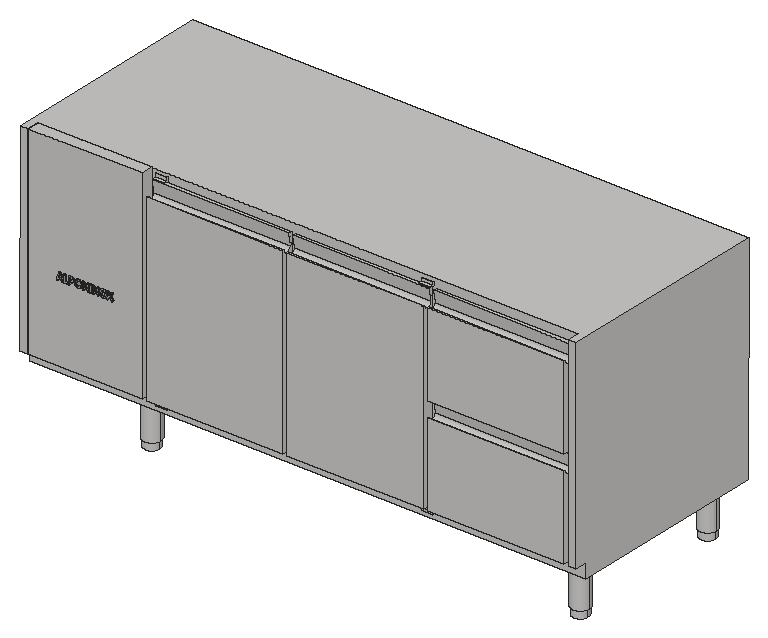
Revit family "QF_ALPENINOX_712031_AH3H7AAB", category Specialty Equipment, Revit 2018
Family settings
  Round Connector Dimension = Use Diameter
  Part Type = Normal
  Work Plane-Based = No
  Always vertical = Yes
  Cut with Voids When Loaded = No
  Shared = No
  Room Calculation Point = No
Parameters
  Weight = 0.00 kg
  Watts = 0.0232258 W
  Volts = 220 V
  URL Manufacturer = "http://www.alpeninox.com/"
  URL = "http://www.alpeninox.com/"
  Steam Supply Size = 0 mm
  Steam Supply Minimum Pressure = 0.0 Pa
  Steam Supply Maximum Pressure = 0.0 Pa
  Steam Pounds per Hour = 0
  Show Logo [instance] = yes
  Show Clearance [instance] = yes
  Refrigeration Suction Line Size = 0 mm
  Refrigeration Liquid Line Size = 0 mm
  Refrigerant Compressor Remote = yes
  Manufacturer = "Alpeninox"
  Phase = 1
  Model = "AH3H7AAB"
  Length Actual = 1795 mm  # constant formula
  Item Number = "712031"
  Hot Water Size = 0 mm
  Height Actual = 850 mm  # constant formula
  HP = "0.3 HP"
  Gas Size = 0 mm
  Gas KW = 0
  Gas Input Pressure = 0 W
  Description = "2DOORS-2DRAWERS REFRIG.TABLE 440L-NO TOP"
  Depth Actual = 700 mm  # constant formula
  Cycle = 50 Hz
  Condensate Return Size = 0 mm
  Compressed Air Volume = 0.0 L/s
  Compressed Air Size = 0 mm
  Compressed Air Pressure = 0.0 Pa
  Cold Water Size = 0 mm
  Accessory = yes
Reference planes
  plane 1 "Center X": y = 182.5
  plane 2: z = 0
  plane 3 "Center Y": x = -353.5
  plane 4: y = -62.5
  plane 5: y = 451.5
  plane 6 "BACK": y = 532.5
  plane 7 "FRONT": y = -167.5
  plane 8: x = -906
  plane 9: x = 478
  plane 10: z = 150
  plane 11 "TOP": z = 900
  plane 12: z = 850
  plane 13 "LEFT": x = -1251
  plane 14 "RIGHT": x = 544
Forms (mm)
  Extrusion 1, solid, material "QF_Finishes_Stainless Steel"
    sketch origin (-353.5, 2, 0) x (0, 1, 0) y (0, 0, 1)
      loop
        line (530.5, 150) -> (530.5, 850) -> (-124.5, 850) -> (-124.5, 150) -> (530.5, 150)
    from -897.5 to 897.5
  Extrusion 2, solid, material "QF_Finishes_Stainless Steel"
    sketch origin (-1022.223, -1524, 150) x (-1, 0, 0) y (0, -1, 0)
      loop
        line (228.777, -1361.5) -> (203.777, -1361.5) -> (203.777, -1401.5) -> (228.777, -1401.5) -> (228.777, -1361.5)
      loop
        line (-1566.223, -1401.5) -> (-1541.223, -1401.5) -> (-1541.223, -1361.5) -> (-1566.223, -1361.5) -> (-1566.223, -1401.5)
    from 47 to 700
  Extrusion 3, solid, material "QF_Finishes_Stainless Steel"
    sketch origin (0, 0, 900) x (-1, 0, 0) y (0, -1, 0)
      loop
        circle (170, -94.5) r 8.45
    from -790.577 to -750
  Extrusion 4, solid, material "QF_Finishes_Stainless Steel"
    sketch origin (0, 0, 0) x (1, 0, 0) y (0, 1, 0)
      loop
        circle (-1167, 451.5) r 4
    from 109.423 to 150
Cuts and joins
  joined: Extrusion 1, Extrusion 2
Lines and regions (mm)
  symbolic lines, style "SpecialityEquipmentHiddenLines"
    curve 1: line (-1251, -122.5, 900) -> (544, -122.5, 900)
    curve 2: line (-850, -162.5, 900) -> (-850, -122.5, 900)
    curve 3: line (-1251, 532.5, 900) -> (544, 532.5, 900)
    curve 4: line (-1251, 532.5, 900) -> (-1251, -162.5, 900)
    curve 5: line (-1251, -162.5, 900) -> (544, -162.5, 900)
    curve 6: line (544, -162.5, 900) -> (544, 532.5, 900)
Dimensions and locks
  locked: plane 6 "BACK" to plane 7 "FRONT" at 700
  equal spacing: plane 6 "BACK", plane 1 "Center X", plane 7 "FRONT"
  locked: plane 6 "BACK" to plane 5 at 81
  plane 10 to level = 150 mm
  plane 11 "TOP" to plane 12 to plane 10 = 50 mm locked, 700 mm locked
  locked: Extrusion 2 sketch curve to Extrusion 2 sketch curve at 25  (x2)
  locked: plane 4 to plane 7 "FRONT" at 105
  locked: plane 6 "BACK" to Extrusion 3 sketch curve at 438
  equal spacing: plane 13 "LEFT", plane 3 "Center Y", plane 14 "RIGHT"
  plane 13 "LEFT" to plane 14 "RIGHT" = 1795 mm
  locked: plane 13 "LEFT" to plane 8 at 345
  locked: plane 9 to plane 14 "RIGHT" at 66
  Extrusion 3 sketch curve to plane 14 "RIGHT" = 714 mm
  plane 13 "LEFT" to Extrusion 4 sketch curve = 84 mm
  locked: plane 6 "BACK" to Extrusion 4 sketch curve at 81
  locked: plane 10 to Extrusion 4 at 40.577
  aligned and locked: level to plane 2
  aligned and locked: plane 10 to Extrusion 3
  aligned and locked: nested 4 to plane 4
  aligned and locked: nested 1 to plane 4
  aligned and locked: nested 3 to plane 5
  aligned and locked: nested 2 to plane 5
  aligned and locked: plane 8 to nested 1
  aligned and locked: plane 8 to nested 2
  aligned and locked: plane 9 to nested 4
  aligned and locked: plane 9 to nested 3
  aligned and locked: Extrusion 1 to Extrusion 2
  aligned and locked: Extrusion 2 to Extrusion 1
  aligned and locked: Extrusion 2 sketch curve to plane 14 "RIGHT"
  aligned and locked: plane 13 "LEFT" to Extrusion 2 sketch curve
  aligned and locked: cut or joined group of Extrusion 1, Extrusion 2 to plane 10
  aligned and locked: plane 12 to cut or joined group of Extrusion 1, Extrusion 2
  aligned and locked: plane 10 to Extrusion 4
Automatic sketch dimensions
  Extrusion 1 sketch curve to plane 10 = 0 mm
  Extrusion 1 sketch curve to plane 12 = 0 mm
  Extrusion 1 sketch curve to plane 6 "BACK" = 0 mm
  plane 7 "FRONT" to Extrusion 1 sketch curve = 45 mm
  plane 7 "FRONT" to Extrusion 2 sketch curve = 45 mm  (x2)
  plane 7 "FRONT" to Extrusion 2 sketch curve = 5 mm  (x2)
  curve 6 to plane 6 "BACK" = 0 mm
  curve 6 to plane 14 "RIGHT" = 0 mm
  curve 5 to plane 13 "LEFT" = 0 mm
  plane 7 "FRONT" to curve 5 = 5 mm
  plane 8 to curve 2 = 56 mm
  curve 1 to curve 4 = 40 mm
  radius of Extrusion 3 sketch curve = 8.45 mm
  radius of Extrusion 4 sketch curve = 4 mm
Nested families
  nested 1: "Foot_Ø50_H150" at (-906, -62.5, 0), type "Foot_Ø50_H150"
  nested 2: "Foot_Ø50_H150" at (-906, 451.5, 0), type "Foot_Ø50_H150"
  nested 3: "Foot_Ø50_H150" at (478, 451.5, 0), type "Foot_Ø50_H150"
  nested 4: "Foot_Ø50_H150" at (478, -62.5, 0), type "Foot_Ø50_H150"
  nested 5: "2 Drawers" at (285, -164.5, 0), Show Clearance <- "Show Clearance", type "2 Drawers"
  nested 6: "Door" at (-169, -164.5, 0), Show Clearance <- "Show Clearance", type "Door"
  nested 7: "Refrigerator" at (544, -167.5, 900), type "Refrigerator"
  nested 8: "ALP_Cooling Unit" at (-1041.5, -164.5, 0), Show Logo <- "Show Logo", type "ALP_Cooling Unit"
  nested 9: "Door" at (-623, -164.5, 0) x (-1, 0, 0) z (0, 0, 1), Show Clearance <- "Show Clearance", type "Door"
Connectors
  electrical at (-1167, 451.5, 109.423), driven by "Volts"
    settings: on Extrusion 4, index 4, voltage 220 V, apparent load 0 VA, apparent load phase1 0 VA, apparent load phase2 0 VA, apparent load phase3 0 VA, power factor 1, load classification "Altro", number of poles 1, system type 30, power factor state 1, is connector primary yes, connector utility no, sub classification motor no, connector description "Electrical Connection"
  piping at (-170, 94.5, 109.423), diameter 17
    settings: on Extrusion 3, index 5, connector inside diameter 609.6 mm, connector length 0 mm, flow factor 0, pipe flow 0.0 L/s, pressure drop 0.0 Pa, fitting loss kfactor 0, connector angle 0.00°, fixture units 0, engagement length 0 mm, angle of deflection 0.00°, flow configuration 1, flow direction 2, fitting loss method 0, system type 16, joint type 0, gender type 0, connector reference index -1, connector utility 0, adjustable connector no, is connector primary yes, connector description "Drain"
Definition of nested family "Foot_Ø50_H150"
  Reference planes
    plane 1 "Centro (Fronte/Retro)": y = 0
    plane 2: z = 0
    plane 3 "Centro (Sinistra/Destra)": x = 0
    plane 4: z = 150
  Forms (mm)
    Revolve 1, solid
      sketch origin (255.05, 0, 608.09) x (0, 0, 1) y (-1, 0, 0)
        loop
          line (-608.09, 255.05) -> (-608.09, 230.05) -> (-583.09, 230.05) -> (-583.09, 226.05) -> (-458.09, 226.05) -> (-458.09, 255.05) -> (-608.09, 255.05)
        axis (-608.09, 255.05) -> (-458.09, 255.05)
      angle from 0 to 360
  Dimensions and locks
    locked: Revolve 1 sketch curve to Revolve 1 sketch curve at 125
    aligned and locked: level to plane 2
    aligned and locked: plane 4 to Revolve 1 sketch curve
    aligned and locked: Revolve 1 sketch curve to level
    aligned and locked: plane 3 "Centro (Sinistra/Destra)" to Revolve 1 sketch curve
Definition of nested family "2 Drawers"
  Parameters
    Show Clearance [instance] = yes
  Reference planes
    plane 1 "FRONT": y = -3
    plane 2: z = 0
    plane 3 "Centro (Sinistra/Destra)": x = 0
    plane 4: z = 150
    plane 5: z = 850
    plane 6: x = -234
    plane 7: x = 234
    plane 8: x = -220
    plane 9: x = 220
  Forms (mm)
    Extrusion 1, solid
      sketch origin (0, 55, 511) x (0, 0, 1) y (0, -1, 0)
        loop
          line (314, 18) -> (314, 29) -> (274.395, 22.5)
          arc (274.395, 22.5) -> (260.395, 36.5) -> (274.395, 50.5) r 14
          line (274.395, 50.5) -> (274.395, 53) -> (5, 53) -> (5, 18) -> (314, 18)
        loop
          line (-5, 29) -> (-44.605, 22.5)
          arc (-44.605, 22.5) -> (-58.605, 36.5) -> (-44.605, 50.5) r 14
          line (-44.605, 50.5) -> (-44.605, 53) -> (-314, 53) -> (-314, 18) -> (-5, 18) -> (-5, 29)
      from -220 to 220
    Extrusion 2, solid, visible <- "Show Clearance", detail levels coarse
      sketch origin (0, -462, 511) x (0, 0, 1) y (0, -1, 0)
        loop
          line (-314, 109) -> (-314, -464) -> (-5, -464) -> (-5, 109) -> (-314, 109)
        loop
          line (314, -464) -> (314, 109) -> (5, 109) -> (5, -464) -> (314, -464)
      from -220 to 220
  Lines and regions (mm)
    symbolic lines
      curve 1: line (-190, -3, 0) -> (-190, -88, 0)
      curve 2: line (190, -88, 0) -> (190, -3, 0)
      curve 3: line (220, -88, 0) -> (-220, -88, 0)
      curve 4: line (-220, -88, 0) -> (-220, -123, 0)
      curve 5: line (-220, -123, 0) -> (220, -123, 0)
      curve 6: line (220, -123, 0) -> (220, -88, 0)
      curve 7: line (-190, -123, 0) -> (-190, -208, 0)
      curve 8: line (220, -208, 0) -> (-220, -208, 0)
      curve 9: line (-220, -208, 0) -> (-220, -243, 0)
      curve 10: line (-220, -243, 0) -> (220, -243, 0)
      curve 11: line (220, -243, 0) -> (220, -208, 0)
      curve 12: line (190, -208, 0) -> (190, -123, 0)
  Dimensions and locks
    aligned and locked: level to plane 2
Definition of nested family "Door"
  Parameters
    Show Clearance [instance] = yes
  Reference planes
    plane 1 "FRONT": y = -3
    plane 2: z = 0
    plane 3 "Centro (Sinistra/Destra)": x = 0
    plane 4: z = 150
    plane 5: z = 850
    plane 6: x = -234
    plane 7: x = 234
    plane 8: x = -220
    plane 9: x = 220
  Forms (mm)
    Extrusion 1, solid
      sketch origin (0, 53, 511) x (0, 0, 1) y (0, -1, 0)
        loop
          line (-323.003, 28.5) -> (-316.501, 28.5) -> (-316.501, 31) -> (-325.503, 31) -> (-325.503, 13.5) -> (-345.503, 13.5) -> (-345.503, 11) -> (-323.003, 11) -> (-323.003, 23.259) -> (-323.003, 28.5)
        loop
          line (-314, 27) -> (-316.501, 27) -> (-316.501, 18.501) -> (-319.752, 18.501) -> (-319.752, 16) -> (-314, 16) -> (-314, 27)
        loop
          line (315.003, 27) -> (315.003, 13.948) -> (315.003, 11) -> (327.503, 11) -> (327.503, 13.5) -> (317.503, 13.5) -> (317.503, 27) -> (315.003, 27)
      from 185 to 220
    Extrusion 2, solid, visible <- "Show Clearance", detail levels coarse
      sketch origin (0, 53, 511) x (0, -1, 0) y (1, 0, 0)
        loop
          line (51, 220) -> (51, -220)
          arc (51, -220) -> (339.234, -79.44) -> (454, 220) r 437.168
          line (454, 220) -> (51, 220)
      from -314 to 314
    Extrusion 3, solid
      sketch origin (0, 55, 511) x (0, 0, 1) y (0, -1, 0)
        loop
          line (314, 18) -> (314, 29) -> (274.395, 22.5)
          arc (274.395, 22.5) -> (260.395, 36.5) -> (274.395, 50.5) r 14
          line (274.395, 50.5) -> (274.395, 53) -> (-314, 53) -> (-314, 18) -> (314, 18)
      from -220 to 220
  Lines and regions (mm)
    symbolic lines
      curve 1: line (220, -3, 0) -> (220, -401, 0)
      curve 2: line (220, -401, 0) -> (185, -401, 0)
      curve 3: line (185, -401, 0) -> (185, -3, 0)
      curve 4: arc (-219.722, -3, 0) -> (-89.51, -275.368, 0) -> (185, -401, 0) r 442.855
  Dimensions and locks
    aligned and locked: level to plane 2
Definition of nested family "ALP_Cooling Unit"
  Parameters
    Show Logo [instance] = yes
  Reference planes
    plane 1 "FRONT": y = -3
    plane 2: z = 0
    plane 3 "Centro (Sinistra/Destra)": x = 0
    plane 4: z = 150
    plane 5: z = 850
    plane 6: x = -184.5
    plane 7: x = 184.5
  Forms (mm)
    Extrusion 1, solid
      sketch origin (0, 55, 511) x (0, 0, 1) y (0, -1, 0)
        loop
          line (-314, 53) -> (-314, 13) -> (339, 13) -> (339, 53) -> (-314, 53)
      from -184.5 to 184.5
  Lines and regions (mm)
    Split face 1
      outline origin (0, 2, 197) x (0, 0, 1) y (-1, 0, 0)
        loop
          line (566.835, 184.5) -> (566.835, -184.5)
        loop
          line (521.835, 184.5) -> (521.835, -184.5)
    Split face 2
      outline origin (0, 2, 197) x (0, 0, 1) y (-1, 0, 0)
        loop
          line (526.835, -184.5) -> (526.835, 150.5)
          arc (526.835, 150.5) -> (544.335, 168) -> (561.835, 150.5) r 17.5
          line (561.835, 150.5) -> (561.835, -184.5)
    Split face 3
      outline origin (0, 2, 197) x (0, 0, 1) y (-1, 0, 0)
        loop
          line (555.835, 149.5) -> (532.835, 149.5) -> (532.835, 94.5) -> (555.835, 94.5) -> (555.835, 149.5)
    Split face 4
      outline origin (0, 2, 197) x (0, 0, 1) y (-1, 0, 0)
        loop
          arc (510.649, 158.547) -> (506.648, 162.548) -> (502.647, 158.547) r 4.001
          line (502.647, 158.547) -> (502.647, 116.535)
          arc (502.647, 116.535) -> (506.648, 112.533) -> (510.649, 116.535) r 4.001
          line (510.649, 116.535) -> (510.649, 158.547)
    Split face 5
      outline origin (0, 2, 184.996) x (0, 0, 1) y (-1, 0, 0)
        loop
          arc (510.649, 158.547) -> (506.648, 162.548) -> (502.647, 158.547) r 4.001
          line (502.647, 158.547) -> (502.647, 116.535)
          arc (502.647, 116.535) -> (506.648, 112.533) -> (510.649, 116.535) r 4.001
          line (510.649, 116.535) -> (510.649, 158.547)
    Split face 6
      outline origin (0, 2, 172.993) x (0, 0, 1) y (-1, 0, 0)
        loop
          arc (510.649, 158.547) -> (506.648, 162.548) -> (502.647, 158.547) r 4.001
          line (502.647, 158.547) -> (502.647, 116.535)
          arc (502.647, 116.535) -> (506.648, 112.533) -> (510.649, 116.535) r 4.001
          line (510.649, 116.535) -> (510.649, 158.547)
    Split face 7
      outline origin (0, 2, 160.989) x (0, 0, 1) y (-1, 0, 0)
        loop
          arc (510.649, 158.547) -> (506.648, 162.548) -> (502.647, 158.547) r 4.001
          line (502.647, 158.547) -> (502.647, 116.535)
          arc (502.647, 116.535) -> (506.648, 112.533) -> (510.649, 116.535) r 4.001
          line (510.649, 116.535) -> (510.649, 158.547)
    Split face 8
      outline origin (0, 2, 148.986) x (0, 0, 1) y (-1, 0, 0)
        loop
          arc (510.649, 158.547) -> (506.648, 162.548) -> (502.647, 158.547) r 4.001
          line (502.647, 158.547) -> (502.647, 116.535)
          arc (502.647, 116.535) -> (506.648, 112.533) -> (510.649, 116.535) r 4.001
          line (510.649, 116.535) -> (510.649, 158.547)
    Split face 9
      outline origin (0, 2, 136.982) x (0, 0, 1) y (-1, 0, 0)
        loop
          arc (510.649, 158.547) -> (506.648, 162.548) -> (502.647, 158.547) r 4.001
          line (502.647, 158.547) -> (502.647, 116.535)
          arc (502.647, 116.535) -> (506.648, 112.533) -> (510.649, 116.535) r 4.001
          line (510.649, 116.535) -> (510.649, 158.547)
    Split face 10
      outline origin (0, 2, 124.979) x (0, 0, 1) y (-1, 0, 0)
        loop
          arc (510.649, 158.547) -> (506.648, 162.548) -> (502.647, 158.547) r 4.001
          line (502.647, 158.547) -> (502.647, 116.535)
          arc (502.647, 116.535) -> (506.648, 112.533) -> (510.649, 116.535) r 4.001
          line (510.649, 116.535) -> (510.649, 158.547)
    Split face 11
      outline origin (0, 2, 112.975) x (0, 0, 1) y (-1, 0, 0)
        loop
          arc (510.649, 158.547) -> (506.648, 162.548) -> (502.647, 158.547) r 4.001
          line (502.647, 158.547) -> (502.647, 116.535)
          arc (502.647, 116.535) -> (506.648, 112.533) -> (510.649, 116.535) r 4.001
          line (510.649, 116.535) -> (510.649, 158.547)
    Split face 12
      outline origin (0, 2, 100.972) x (0, 0, 1) y (-1, 0, 0)
        loop
          arc (510.649, 158.547) -> (506.648, 162.548) -> (502.647, 158.547) r 4.001
          line (502.647, 158.547) -> (502.647, 116.535)
          arc (502.647, 116.535) -> (506.648, 112.533) -> (510.649, 116.535) r 4.001
          line (510.649, 116.535) -> (510.649, 158.547)
    Split face 13
      outline origin (0, 2, 88.968) x (0, 0, 1) y (-1, 0, 0)
        loop
          arc (510.649, 158.547) -> (506.648, 162.548) -> (502.647, 158.547) r 4.001
          line (502.647, 158.547) -> (502.647, 116.535)
          arc (502.647, 116.535) -> (506.648, 112.533) -> (510.649, 116.535) r 4.001
          line (510.649, 116.535) -> (510.649, 158.547)
    Split face 14
      outline origin (0, 2, 76.965) x (0, 0, 1) y (-1, 0, 0)
        loop
          arc (510.649, 158.547) -> (506.648, 162.548) -> (502.647, 158.547) r 4.001
          line (502.647, 158.547) -> (502.647, 116.535)
          arc (502.647, 116.535) -> (506.648, 112.533) -> (510.649, 116.535) r 4.001
          line (510.649, 116.535) -> (510.649, 158.547)
    Split face 15
      outline origin (0, 2, 64.961) x (0, 0, 1) y (-1, 0, 0)
        loop
          arc (510.649, 158.547) -> (506.648, 162.548) -> (502.647, 158.547) r 4.001
          line (502.647, 158.547) -> (502.647, 116.535)
          arc (502.647, 116.535) -> (506.648, 112.533) -> (510.649, 116.535) r 4.001
          line (510.649, 116.535) -> (510.649, 158.547)
    Split face 16
      outline origin (0, 2, 52.958) x (0, 0, 1) y (-1, 0, 0)
        loop
          arc (510.649, 158.547) -> (506.648, 162.548) -> (502.647, 158.547) r 4.001
          line (502.647, 158.547) -> (502.647, 116.535)
          arc (502.647, 116.535) -> (506.648, 112.533) -> (510.649, 116.535) r 4.001
          line (510.649, 116.535) -> (510.649, 158.547)
    Split face 17
      outline origin (0, 2, 40.954) x (0, 0, 1) y (-1, 0, 0)
        loop
          arc (510.649, 158.547) -> (506.648, 162.548) -> (502.647, 158.547) r 4.001
          line (502.647, 158.547) -> (502.647, 116.535)
          arc (502.647, 116.535) -> (506.648, 112.533) -> (510.649, 116.535) r 4.001
          line (510.649, 116.535) -> (510.649, 158.547)
    Split face 18
      outline origin (0, 2, 28.951) x (0, 0, 1) y (-1, 0, 0)
        loop
          arc (510.649, 158.547) -> (506.648, 162.548) -> (502.647, 158.547) r 4.001
          line (502.647, 158.547) -> (502.647, 116.535)
          arc (502.647, 116.535) -> (506.648, 112.533) -> (510.649, 116.535) r 4.001
          line (510.649, 116.535) -> (510.649, 158.547)
    Split face 19
      outline origin (0, 2, 16.947) x (0, 0, 1) y (-1, 0, 0)
        loop
          arc (510.649, 158.547) -> (506.648, 162.548) -> (502.647, 158.547) r 4.001
          line (502.647, 158.547) -> (502.647, 116.535)
          arc (502.647, 116.535) -> (506.648, 112.533) -> (510.649, 116.535) r 4.001
          line (510.649, 116.535) -> (510.649, 158.547)
    Split face 20
      outline origin (55.016, 2, 197) x (0, 0, 1) y (-1, 0, 0)
        loop
          arc (510.649, 158.547) -> (506.648, 162.548) -> (502.647, 158.547) r 4.001
          line (502.647, 158.547) -> (502.647, 116.535)
          arc (502.647, 116.535) -> (506.648, 112.533) -> (510.649, 116.535) r 4.001
          line (510.649, 116.535) -> (510.649, 158.547)
    Split face 21
      outline origin (55.016, 2, 184.996) x (0, 0, 1) y (-1, 0, 0)
        loop
          arc (510.649, 158.547) -> (506.648, 162.548) -> (502.647, 158.547) r 4.001
          line (502.647, 158.547) -> (502.647, 116.535)
          arc (502.647, 116.535) -> (506.648, 112.533) -> (510.649, 116.535) r 4.001
          line (510.649, 116.535) -> (510.649, 158.547)
    Split face 22
      outline origin (55.016, 2, 172.993) x (0, 0, 1) y (-1, 0, 0)
        loop
          arc (510.649, 158.547) -> (506.648, 162.548) -> (502.647, 158.547) r 4.001
          line (502.647, 158.547) -> (502.647, 116.535)
          arc (502.647, 116.535) -> (506.648, 112.533) -> (510.649, 116.535) r 4.001
          line (510.649, 116.535) -> (510.649, 158.547)
    Split face 23
      outline origin (55.016, 2, 160.989) x (0, 0, 1) y (-1, 0, 0)
        loop
          arc (510.649, 158.547) -> (506.648, 162.548) -> (502.647, 158.547) r 4.001
          line (502.647, 158.547) -> (502.647, 116.535)
          arc (502.647, 116.535) -> (506.648, 112.533) -> (510.649, 116.535) r 4.001
          line (510.649, 116.535) -> (510.649, 158.547)
    Split face 24
      outline origin (55.016, 2, 148.986) x (0, 0, 1) y (-1, 0, 0)
        loop
          arc (510.649, 158.547) -> (506.648, 162.548) -> (502.647, 158.547) r 4.001
          line (502.647, 158.547) -> (502.647, 116.535)
          arc (502.647, 116.535) -> (506.648, 112.533) -> (510.649, 116.535) r 4.001
          line (510.649, 116.535) -> (510.649, 158.547)
    Split face 25
      outline origin (55.016, 2, 136.982) x (0, 0, 1) y (-1, 0, 0)
        loop
          arc (510.649, 158.547) -> (506.648, 162.548) -> (502.647, 158.547) r 4.001
          line (502.647, 158.547) -> (502.647, 116.535)
          arc (502.647, 116.535) -> (506.648, 112.533) -> (510.649, 116.535) r 4.001
          line (510.649, 116.535) -> (510.649, 158.547)
    Split face 26
      outline origin (55.016, 2, 124.979) x (0, 0, 1) y (-1, 0, 0)
        loop
          arc (510.649, 158.547) -> (506.648, 162.548) -> (502.647, 158.547) r 4.001
          line (502.647, 158.547) -> (502.647, 116.535)
          arc (502.647, 116.535) -> (506.648, 112.533) -> (510.649, 116.535) r 4.001
          line (510.649, 116.535) -> (510.649, 158.547)
    Split face 27
      outline origin (55.016, 2, 112.975) x (0, 0, 1) y (-1, 0, 0)
        loop
          arc (510.649, 158.547) -> (506.648, 162.548) -> (502.647, 158.547) r 4.001
          line (502.647, 158.547) -> (502.647, 116.535)
          arc (502.647, 116.535) -> (506.648, 112.533) -> (510.649, 116.535) r 4.001
          line (510.649, 116.535) -> (510.649, 158.547)
    Split face 28
      outline origin (55.016, 2, 100.972) x (0, 0, 1) y (-1, 0, 0)
        loop
          arc (510.649, 158.547) -> (506.648, 162.548) -> (502.647, 158.547) r 4.001
          line (502.647, 158.547) -> (502.647, 116.535)
          arc (502.647, 116.535) -> (506.648, 112.533) -> (510.649, 116.535) r 4.001
          line (510.649, 116.535) -> (510.649, 158.547)
    Split face 29
      outline origin (55.016, 2, 88.968) x (0, 0, 1) y (-1, 0, 0)
        loop
          arc (510.649, 158.547) -> (506.648, 162.548) -> (502.647, 158.547) r 4.001
          line (502.647, 158.547) -> (502.647, 116.535)
          arc (502.647, 116.535) -> (506.648, 112.533) -> (510.649, 116.535) r 4.001
          line (510.649, 116.535) -> (510.649, 158.547)
    Split face 30
      outline origin (55.016, 2, 76.965) x (0, 0, 1) y (-1, 0, 0)
        loop
          arc (510.649, 158.547) -> (506.648, 162.548) -> (502.647, 158.547) r 4.001
          line (502.647, 158.547) -> (502.647, 116.535)
          arc (502.647, 116.535) -> (506.648, 112.533) -> (510.649, 116.535) r 4.001
          line (510.649, 116.535) -> (510.649, 158.547)
    Split face 31
      outline origin (55.016, 2, 64.961) x (0, 0, 1) y (-1, 0, 0)
        loop
          arc (510.649, 158.547) -> (506.648, 162.548) -> (502.647, 158.547) r 4.001
          line (502.647, 158.547) -> (502.647, 116.535)
          arc (502.647, 116.535) -> (506.648, 112.533) -> (510.649, 116.535) r 4.001
          line (510.649, 116.535) -> (510.649, 158.547)
    Split face 32
      outline origin (55.016, 2, 52.958) x (0, 0, 1) y (-1, 0, 0)
        loop
          arc (510.649, 158.547) -> (506.648, 162.548) -> (502.647, 158.547) r 4.001
          line (502.647, 158.547) -> (502.647, 116.535)
          arc (502.647, 116.535) -> (506.648, 112.533) -> (510.649, 116.535) r 4.001
          line (510.649, 116.535) -> (510.649, 158.547)
    Split face 33
      outline origin (55.016, 2, 40.954) x (0, 0, 1) y (-1, 0, 0)
        loop
          arc (510.649, 158.547) -> (506.648, 162.548) -> (502.647, 158.547) r 4.001
          line (502.647, 158.547) -> (502.647, 116.535)
          arc (502.647, 116.535) -> (506.648, 112.533) -> (510.649, 116.535) r 4.001
          line (510.649, 116.535) -> (510.649, 158.547)
    Split face 34
      outline origin (55.016, 2, 28.951) x (0, 0, 1) y (-1, 0, 0)
        loop
          arc (510.649, 158.547) -> (506.648, 162.548) -> (502.647, 158.547) r 4.001
          line (502.647, 158.547) -> (502.647, 116.535)
          arc (502.647, 116.535) -> (506.648, 112.533) -> (510.649, 116.535) r 4.001
          line (510.649, 116.535) -> (510.649, 158.547)
    Split face 35
      outline origin (55.016, 2, 16.947) x (0, 0, 1) y (-1, 0, 0)
        loop
          arc (510.649, 158.547) -> (506.648, 162.548) -> (502.647, 158.547) r 4.001
          line (502.647, 158.547) -> (502.647, 116.535)
          arc (502.647, 116.535) -> (506.648, 112.533) -> (510.649, 116.535) r 4.001
          line (510.649, 116.535) -> (510.649, 158.547)
    Split face 36
      outline origin (110.032, 2, 197) x (0, 0, 1) y (-1, 0, 0)
        loop
          arc (510.649, 158.547) -> (506.648, 162.548) -> (502.647, 158.547) r 4.001
          line (502.647, 158.547) -> (502.647, 116.535)
          arc (502.647, 116.535) -> (506.648, 112.533) -> (510.649, 116.535) r 4.001
          line (510.649, 116.535) -> (510.649, 158.547)
    Split face 37
      outline origin (110.032, 2, 184.996) x (0, 0, 1) y (-1, 0, 0)
        loop
          arc (510.649, 158.547) -> (506.648, 162.548) -> (502.647, 158.547) r 4.001
          line (502.647, 158.547) -> (502.647, 116.535)
          arc (502.647, 116.535) -> (506.648, 112.533) -> (510.649, 116.535) r 4.001
          line (510.649, 116.535) -> (510.649, 158.547)
    Split face 38
      outline origin (110.032, 2, 172.993) x (0, 0, 1) y (-1, 0, 0)
        loop
          arc (510.649, 158.547) -> (506.648, 162.548) -> (502.647, 158.547) r 4.001
          line (502.647, 158.547) -> (502.647, 116.535)
          arc (502.647, 116.535) -> (506.648, 112.533) -> (510.649, 116.535) r 4.001
          line (510.649, 116.535) -> (510.649, 158.547)
    Split face 39
      outline origin (110.032, 2, 160.989) x (0, 0, 1) y (-1, 0, 0)
        loop
          arc (510.649, 158.547) -> (506.648, 162.548) -> (502.647, 158.547) r 4.001
          line (502.647, 158.547) -> (502.647, 116.535)
          arc (502.647, 116.535) -> (506.648, 112.533) -> (510.649, 116.535) r 4.001
          line (510.649, 116.535) -> (510.649, 158.547)
    Split face 40
      outline origin (110.032, 2, 148.986) x (0, 0, 1) y (-1, 0, 0)
        loop
          arc (510.649, 158.547) -> (506.648, 162.548) -> (502.647, 158.547) r 4.001
          line (502.647, 158.547) -> (502.647, 116.535)
          arc (502.647, 116.535) -> (506.648, 112.533) -> (510.649, 116.535) r 4.001
          line (510.649, 116.535) -> (510.649, 158.547)
    Split face 41
      outline origin (110.032, 2, 136.982) x (0, 0, 1) y (-1, 0, 0)
        loop
          arc (510.649, 158.547) -> (506.648, 162.548) -> (502.647, 158.547) r 4.001
          line (502.647, 158.547) -> (502.647, 116.535)
          arc (502.647, 116.535) -> (506.648, 112.533) -> (510.649, 116.535) r 4.001
          line (510.649, 116.535) -> (510.649, 158.547)
    Split face 42
      outline origin (110.032, 2, 124.979) x (0, 0, 1) y (-1, 0, 0)
        loop
          arc (510.649, 158.547) -> (506.648, 162.548) -> (502.647, 158.547) r 4.001
          line (502.647, 158.547) -> (502.647, 116.535)
          arc (502.647, 116.535) -> (506.648, 112.533) -> (510.649, 116.535) r 4.001
          line (510.649, 116.535) -> (510.649, 158.547)
    Split face 43
      outline origin (110.032, 2, 112.975) x (0, 0, 1) y (-1, 0, 0)
        loop
          arc (510.649, 158.547) -> (506.648, 162.548) -> (502.647, 158.547) r 4.001
          line (502.647, 158.547) -> (502.647, 116.535)
          arc (502.647, 116.535) -> (506.648, 112.533) -> (510.649, 116.535) r 4.001
          line (510.649, 116.535) -> (510.649, 158.547)
    Split face 44
      outline origin (110.032, 2, 100.972) x (0, 0, 1) y (-1, 0, 0)
        loop
          arc (510.649, 158.547) -> (506.648, 162.548) -> (502.647, 158.547) r 4.001
          line (502.647, 158.547) -> (502.647, 116.535)
          arc (502.647, 116.535) -> (506.648, 112.533) -> (510.649, 116.535) r 4.001
          line (510.649, 116.535) -> (510.649, 158.547)
    Split face 45
      outline origin (110.032, 2, 88.968) x (0, 0, 1) y (-1, 0, 0)
        loop
          arc (510.649, 158.547) -> (506.648, 162.548) -> (502.647, 158.547) r 4.001
          line (502.647, 158.547) -> (502.647, 116.535)
          arc (502.647, 116.535) -> (506.648, 112.533) -> (510.649, 116.535) r 4.001
          line (510.649, 116.535) -> (510.649, 158.547)
    Split face 46
      outline origin (110.032, 2, 76.965) x (0, 0, 1) y (-1, 0, 0)
        loop
          arc (510.649, 158.547) -> (506.648, 162.548) -> (502.647, 158.547) r 4.001
          line (502.647, 158.547) -> (502.647, 116.535)
          arc (502.647, 116.535) -> (506.648, 112.533) -> (510.649, 116.535) r 4.001
          line (510.649, 116.535) -> (510.649, 158.547)
    Split face 47
      outline origin (110.032, 2, 64.961) x (0, 0, 1) y (-1, 0, 0)
        loop
          arc (510.649, 158.547) -> (506.648, 162.548) -> (502.647, 158.547) r 4.001
          line (502.647, 158.547) -> (502.647, 116.535)
          arc (502.647, 116.535) -> (506.648, 112.533) -> (510.649, 116.535) r 4.001
          line (510.649, 116.535) -> (510.649, 158.547)
    Split face 48
      outline origin (110.032, 2, 52.958) x (0, 0, 1) y (-1, 0, 0)
        loop
          arc (510.649, 158.547) -> (506.648, 162.548) -> (502.647, 158.547) r 4.001
          line (502.647, 158.547) -> (502.647, 116.535)
          arc (502.647, 116.535) -> (506.648, 112.533) -> (510.649, 116.535) r 4.001
          line (510.649, 116.535) -> (510.649, 158.547)
    Split face 49
      outline origin (110.032, 2, 40.954) x (0, 0, 1) y (-1, 0, 0)
        loop
          arc (510.649, 158.547) -> (506.648, 162.548) -> (502.647, 158.547) r 4.001
          line (502.647, 158.547) -> (502.647, 116.535)
          arc (502.647, 116.535) -> (506.648, 112.533) -> (510.649, 116.535) r 4.001
          line (510.649, 116.535) -> (510.649, 158.547)
    Split face 50
      outline origin (110.032, 2, 28.951) x (0, 0, 1) y (-1, 0, 0)
        loop
          arc (510.649, 158.547) -> (506.648, 162.548) -> (502.647, 158.547) r 4.001
          line (502.647, 158.547) -> (502.647, 116.535)
          arc (502.647, 116.535) -> (506.648, 112.533) -> (510.649, 116.535) r 4.001
          line (510.649, 116.535) -> (510.649, 158.547)
    Split face 51
      outline origin (110.032, 2, 16.947) x (0, 0, 1) y (-1, 0, 0)
        loop
          arc (510.649, 158.547) -> (506.648, 162.548) -> (502.647, 158.547) r 4.001
          line (502.647, 158.547) -> (502.647, 116.535)
          arc (502.647, 116.535) -> (506.648, 112.533) -> (510.649, 116.535) r 4.001
          line (510.649, 116.535) -> (510.649, 158.547)
    Split face 52
      outline origin (165.048, 2, 197) x (0, 0, 1) y (-1, 0, 0)
        loop
          arc (510.649, 158.547) -> (506.648, 162.548) -> (502.647, 158.547) r 4.001
          line (502.647, 158.547) -> (502.647, 116.535)
          arc (502.647, 116.535) -> (506.648, 112.533) -> (510.649, 116.535) r 4.001
          line (510.649, 116.535) -> (510.649, 158.547)
    Split face 53
      outline origin (165.048, 2, 184.996) x (0, 0, 1) y (-1, 0, 0)
        loop
          arc (510.649, 158.547) -> (506.648, 162.548) -> (502.647, 158.547) r 4.001
          line (502.647, 158.547) -> (502.647, 116.535)
          arc (502.647, 116.535) -> (506.648, 112.533) -> (510.649, 116.535) r 4.001
          line (510.649, 116.535) -> (510.649, 158.547)
    Split face 54
      outline origin (165.048, 2, 172.993) x (0, 0, 1) y (-1, 0, 0)
        loop
          arc (510.649, 158.547) -> (506.648, 162.548) -> (502.647, 158.547) r 4.001
          line (502.647, 158.547) -> (502.647, 116.535)
          arc (502.647, 116.535) -> (506.648, 112.533) -> (510.649, 116.535) r 4.001
          line (510.649, 116.535) -> (510.649, 158.547)
    Split face 55
      outline origin (165.048, 2, 160.989) x (0, 0, 1) y (-1, 0, 0)
        loop
          arc (510.649, 158.547) -> (506.648, 162.548) -> (502.647, 158.547) r 4.001
          line (502.647, 158.547) -> (502.647, 116.535)
          arc (502.647, 116.535) -> (506.648, 112.533) -> (510.649, 116.535) r 4.001
          line (510.649, 116.535) -> (510.649, 158.547)
    Split face 56
      outline origin (165.048, 2, 148.986) x (0, 0, 1) y (-1, 0, 0)
        loop
          arc (510.649, 158.547) -> (506.648, 162.548) -> (502.647, 158.547) r 4.001
          line (502.647, 158.547) -> (502.647, 116.535)
          arc (502.647, 116.535) -> (506.648, 112.533) -> (510.649, 116.535) r 4.001
          line (510.649, 116.535) -> (510.649, 158.547)
    Split face 57
      outline origin (165.048, 2, 136.982) x (0, 0, 1) y (-1, 0, 0)
        loop
          arc (510.649, 158.547) -> (506.648, 162.548) -> (502.647, 158.547) r 4.001
          line (502.647, 158.547) -> (502.647, 116.535)
          arc (502.647, 116.535) -> (506.648, 112.533) -> (510.649, 116.535) r 4.001
          line (510.649, 116.535) -> (510.649, 158.547)
    Split face 58
      outline origin (165.048, 2, 124.979) x (0, 0, 1) y (-1, 0, 0)
        loop
          arc (510.649, 158.547) -> (506.648, 162.548) -> (502.647, 158.547) r 4.001
          line (502.647, 158.547) -> (502.647, 116.535)
          arc (502.647, 116.535) -> (506.648, 112.533) -> (510.649, 116.535) r 4.001
          line (510.649, 116.535) -> (510.649, 158.547)
    Split face 59
      outline origin (165.048, 2, 112.975) x (0, 0, 1) y (-1, 0, 0)
        loop
          arc (510.649, 158.547) -> (506.648, 162.548) -> (502.647, 158.547) r 4.001
          line (502.647, 158.547) -> (502.647, 116.535)
          arc (502.647, 116.535) -> (506.648, 112.533) -> (510.649, 116.535) r 4.001
          line (510.649, 116.535) -> (510.649, 158.547)
    Split face 60
      outline origin (165.048, 2, 100.972) x (0, 0, 1) y (-1, 0, 0)
        loop
          arc (510.649, 158.547) -> (506.648, 162.548) -> (502.647, 158.547) r 4.001
          line (502.647, 158.547) -> (502.647, 116.535)
          arc (502.647, 116.535) -> (506.648, 112.533) -> (510.649, 116.535) r 4.001
          line (510.649, 116.535) -> (510.649, 158.547)
    Split face 61
      outline origin (165.048, 2, 88.968) x (0, 0, 1) y (-1, 0, 0)
        loop
          arc (510.649, 158.547) -> (506.648, 162.548) -> (502.647, 158.547) r 4.001
          line (502.647, 158.547) -> (502.647, 116.535)
          arc (502.647, 116.535) -> (506.648, 112.533) -> (510.649, 116.535) r 4.001
          line (510.649, 116.535) -> (510.649, 158.547)
    Split face 62
      outline origin (165.048, 2, 76.965) x (0, 0, 1) y (-1, 0, 0)
        loop
          arc (510.649, 158.547) -> (506.648, 162.548) -> (502.647, 158.547) r 4.001
          line (502.647, 158.547) -> (502.647, 116.535)
          arc (502.647, 116.535) -> (506.648, 112.533) -> (510.649, 116.535) r 4.001
          line (510.649, 116.535) -> (510.649, 158.547)
    Split face 63
      outline origin (165.048, 2, 64.961) x (0, 0, 1) y (-1, 0, 0)
        loop
          arc (510.649, 158.547) -> (506.648, 162.548) -> (502.647, 158.547) r 4.001
          line (502.647, 158.547) -> (502.647, 116.535)
          arc (502.647, 116.535) -> (506.648, 112.533) -> (510.649, 116.535) r 4.001
          line (510.649, 116.535) -> (510.649, 158.547)
    Split face 64
      outline origin (165.048, 2, 52.958) x (0, 0, 1) y (-1, 0, 0)
        loop
          arc (510.649, 158.547) -> (506.648, 162.548) -> (502.647, 158.547) r 4.001
          line (502.647, 158.547) -> (502.647, 116.535)
          arc (502.647, 116.535) -> (506.648, 112.533) -> (510.649, 116.535) r 4.001
          line (510.649, 116.535) -> (510.649, 158.547)
    Split face 65
      outline origin (165.048, 2, 40.954) x (0, 0, 1) y (-1, 0, 0)
        loop
          arc (510.649, 158.547) -> (506.648, 162.548) -> (502.647, 158.547) r 4.001
          line (502.647, 158.547) -> (502.647, 116.535)
          arc (502.647, 116.535) -> (506.648, 112.533) -> (510.649, 116.535) r 4.001
          line (510.649, 116.535) -> (510.649, 158.547)
    Split face 66
      outline origin (165.048, 2, 28.951) x (0, 0, 1) y (-1, 0, 0)
        loop
          arc (510.649, 158.547) -> (506.648, 162.548) -> (502.647, 158.547) r 4.001
          line (502.647, 158.547) -> (502.647, 116.535)
          arc (502.647, 116.535) -> (506.648, 112.533) -> (510.649, 116.535) r 4.001
          line (510.649, 116.535) -> (510.649, 158.547)
    Split face 67
      outline origin (165.048, 2, 16.947) x (0, 0, 1) y (-1, 0, 0)
        loop
          arc (510.649, 158.547) -> (506.648, 162.548) -> (502.647, 158.547) r 4.001
          line (502.647, 158.547) -> (502.647, 116.535)
          arc (502.647, 116.535) -> (506.648, 112.533) -> (510.649, 116.535) r 4.001
          line (510.649, 116.535) -> (510.649, 158.547)
    Split face 68
      outline origin (220.064, 2, 197) x (0, 0, 1) y (-1, 0, 0)
        loop
          arc (510.649, 158.547) -> (506.648, 162.548) -> (502.647, 158.547) r 4.001
          line (502.647, 158.547) -> (502.647, 116.535)
          arc (502.647, 116.535) -> (506.648, 112.533) -> (510.649, 116.535) r 4.001
          line (510.649, 116.535) -> (510.649, 158.547)
    Split face 69
      outline origin (220.064, 2, 184.996) x (0, 0, 1) y (-1, 0, 0)
        loop
          arc (510.649, 158.547) -> (506.648, 162.548) -> (502.647, 158.547) r 4.001
          line (502.647, 158.547) -> (502.647, 116.535)
          arc (502.647, 116.535) -> (506.648, 112.533) -> (510.649, 116.535) r 4.001
          line (510.649, 116.535) -> (510.649, 158.547)
    Split face 70
      outline origin (220.064, 2, 172.993) x (0, 0, 1) y (-1, 0, 0)
        loop
          arc (510.649, 158.547) -> (506.648, 162.548) -> (502.647, 158.547) r 4.001
          line (502.647, 158.547) -> (502.647, 116.535)
          arc (502.647, 116.535) -> (506.648, 112.533) -> (510.649, 116.535) r 4.001
          line (510.649, 116.535) -> (510.649, 158.547)
    Split face 71
      outline origin (220.064, 2, 160.989) x (0, 0, 1) y (-1, 0, 0)
        loop
          arc (510.649, 158.547) -> (506.648, 162.548) -> (502.647, 158.547) r 4.001
          line (502.647, 158.547) -> (502.647, 116.535)
          arc (502.647, 116.535) -> (506.648, 112.533) -> (510.649, 116.535) r 4.001
          line (510.649, 116.535) -> (510.649, 158.547)
    Split face 72
      outline origin (220.064, 2, 148.986) x (0, 0, 1) y (-1, 0, 0)
        loop
          arc (510.649, 158.547) -> (506.648, 162.548) -> (502.647, 158.547) r 4.001
          line (502.647, 158.547) -> (502.647, 116.535)
          arc (502.647, 116.535) -> (506.648, 112.533) -> (510.649, 116.535) r 4.001
          line (510.649, 116.535) -> (510.649, 158.547)
    Split face 73
      outline origin (220.064, 2, 136.982) x (0, 0, 1) y (-1, 0, 0)
        loop
          arc (510.649, 158.547) -> (506.648, 162.548) -> (502.647, 158.547) r 4.001
          line (502.647, 158.547) -> (502.647, 116.535)
          arc (502.647, 116.535) -> (506.648, 112.533) -> (510.649, 116.535) r 4.001
          line (510.649, 116.535) -> (510.649, 158.547)
    Split face 74
      outline origin (220.064, 2, 124.979) x (0, 0, 1) y (-1, 0, 0)
        loop
          arc (510.649, 158.547) -> (506.648, 162.548) -> (502.647, 158.547) r 4.001
          line (502.647, 158.547) -> (502.647, 116.535)
          arc (502.647, 116.535) -> (506.648, 112.533) -> (510.649, 116.535) r 4.001
          line (510.649, 116.535) -> (510.649, 158.547)
    Split face 75
      outline origin (220.064, 2, 112.975) x (0, 0, 1) y (-1, 0, 0)
        loop
          arc (510.649, 158.547) -> (506.648, 162.548) -> (502.647, 158.547) r 4.001
          line (502.647, 158.547) -> (502.647, 116.535)
          arc (502.647, 116.535) -> (506.648, 112.533) -> (510.649, 116.535) r 4.001
          line (510.649, 116.535) -> (510.649, 158.547)
    Split face 76
      outline origin (220.064, 2, 100.972) x (0, 0, 1) y (-1, 0, 0)
        loop
          arc (510.649, 158.547) -> (506.648, 162.548) -> (502.647, 158.547) r 4.001
          line (502.647, 158.547) -> (502.647, 116.535)
          arc (502.647, 116.535) -> (506.648, 112.533) -> (510.649, 116.535) r 4.001
          line (510.649, 116.535) -> (510.649, 158.547)
    Split face 77
      outline origin (220.064, 2, 88.968) x (0, 0, 1) y (-1, 0, 0)
        loop
          arc (510.649, 158.547) -> (506.648, 162.548) -> (502.647, 158.547) r 4.001
          line (502.647, 158.547) -> (502.647, 116.535)
          arc (502.647, 116.535) -> (506.648, 112.533) -> (510.649, 116.535) r 4.001
          line (510.649, 116.535) -> (510.649, 158.547)
    Split face 78
      outline origin (220.064, 2, 76.965) x (0, 0, 1) y (-1, 0, 0)
        loop
          arc (510.649, 158.547) -> (506.648, 162.548) -> (502.647, 158.547) r 4.001
          line (502.647, 158.547) -> (502.647, 116.535)
          arc (502.647, 116.535) -> (506.648, 112.533) -> (510.649, 116.535) r 4.001
          line (510.649, 116.535) -> (510.649, 158.547)
    Split face 79
      outline origin (220.064, 2, 64.961) x (0, 0, 1) y (-1, 0, 0)
        loop
          arc (510.649, 158.547) -> (506.648, 162.548) -> (502.647, 158.547) r 4.001
          line (502.647, 158.547) -> (502.647, 116.535)
          arc (502.647, 116.535) -> (506.648, 112.533) -> (510.649, 116.535) r 4.001
          line (510.649, 116.535) -> (510.649, 158.547)
    Split face 80
      outline origin (220.064, 2, 52.958) x (0, 0, 1) y (-1, 0, 0)
        loop
          arc (510.649, 158.547) -> (506.648, 162.548) -> (502.647, 158.547) r 4.001
          line (502.647, 158.547) -> (502.647, 116.535)
          arc (502.647, 116.535) -> (506.648, 112.533) -> (510.649, 116.535) r 4.001
          line (510.649, 116.535) -> (510.649, 158.547)
    Split face 81
      outline origin (220.064, 2, 40.954) x (0, 0, 1) y (-1, 0, 0)
        loop
          arc (510.649, 158.547) -> (506.648, 162.548) -> (502.647, 158.547) r 4.001
          line (502.647, 158.547) -> (502.647, 116.535)
          arc (502.647, 116.535) -> (506.648, 112.533) -> (510.649, 116.535) r 4.001
          line (510.649, 116.535) -> (510.649, 158.547)
    Split face 82
      outline origin (220.064, 2, 28.951) x (0, 0, 1) y (-1, 0, 0)
        loop
          arc (510.649, 158.547) -> (506.648, 162.548) -> (502.647, 158.547) r 4.001
          line (502.647, 158.547) -> (502.647, 116.535)
          arc (502.647, 116.535) -> (506.648, 112.533) -> (510.649, 116.535) r 4.001
          line (510.649, 116.535) -> (510.649, 158.547)
    Split face 83
      outline origin (220.064, 2, 16.947) x (0, 0, 1) y (-1, 0, 0)
        loop
          arc (510.649, 158.547) -> (506.648, 162.548) -> (502.647, 158.547) r 4.001
          line (502.647, 158.547) -> (502.647, 116.535)
          arc (502.647, 116.535) -> (506.648, 112.533) -> (510.649, 116.535) r 4.001
          line (510.649, 116.535) -> (510.649, 158.547)
    Split face 84
      outline origin (275.081, 2, 197) x (0, 0, 1) y (-1, 0, 0)
        loop
          arc (510.649, 158.547) -> (506.648, 162.548) -> (502.647, 158.547) r 4.001
          line (502.647, 158.547) -> (502.647, 116.535)
          arc (502.647, 116.535) -> (506.648, 112.533) -> (510.649, 116.535) r 4.001
          line (510.649, 116.535) -> (510.649, 158.547)
    Split face 85
      outline origin (275.081, 2, 184.996) x (0, 0, 1) y (-1, 0, 0)
        loop
          arc (510.649, 158.547) -> (506.648, 162.548) -> (502.647, 158.547) r 4.001
          line (502.647, 158.547) -> (502.647, 116.535)
          arc (502.647, 116.535) -> (506.648, 112.533) -> (510.649, 116.535) r 4.001
          line (510.649, 116.535) -> (510.649, 158.547)
    Split face 86
      outline origin (275.081, 2, 172.993) x (0, 0, 1) y (-1, 0, 0)
        loop
          arc (510.649, 158.547) -> (506.648, 162.548) -> (502.647, 158.547) r 4.001
          line (502.647, 158.547) -> (502.647, 116.535)
          arc (502.647, 116.535) -> (506.648, 112.533) -> (510.649, 116.535) r 4.001
          line (510.649, 116.535) -> (510.649, 158.547)
    Split face 87
      outline origin (275.081, 2, 160.989) x (0, 0, 1) y (-1, 0, 0)
        loop
          arc (510.649, 158.547) -> (506.648, 162.548) -> (502.647, 158.547) r 4.001
          line (502.647, 158.547) -> (502.647, 116.535)
          arc (502.647, 116.535) -> (506.648, 112.533) -> (510.649, 116.535) r 4.001
          line (510.649, 116.535) -> (510.649, 158.547)
    Split face 88
      outline origin (275.081, 2, 148.986) x (0, 0, 1) y (-1, 0, 0)
        loop
          arc (510.649, 158.547) -> (506.648, 162.548) -> (502.647, 158.547) r 4.001
          line (502.647, 158.547) -> (502.647, 116.535)
          arc (502.647, 116.535) -> (506.648, 112.533) -> (510.649, 116.535) r 4.001
          line (510.649, 116.535) -> (510.649, 158.547)
    Split face 89
      outline origin (275.081, 2, 136.982) x (0, 0, 1) y (-1, 0, 0)
        loop
          arc (510.649, 158.547) -> (506.648, 162.548) -> (502.647, 158.547) r 4.001
          line (502.647, 158.547) -> (502.647, 116.535)
          arc (502.647, 116.535) -> (506.648, 112.533) -> (510.649, 116.535) r 4.001
          line (510.649, 116.535) -> (510.649, 158.547)
    Split face 90
      outline origin (275.081, 2, 124.979) x (0, 0, 1) y (-1, 0, 0)
        loop
          arc (510.649, 158.547) -> (506.648, 162.548) -> (502.647, 158.547) r 4.001
          line (502.647, 158.547) -> (502.647, 116.535)
          arc (502.647, 116.535) -> (506.648, 112.533) -> (510.649, 116.535) r 4.001
          line (510.649, 116.535) -> (510.649, 158.547)
    Split face 91
      outline origin (275.081, 2, 112.975) x (0, 0, 1) y (-1, 0, 0)
        loop
          arc (510.649, 158.547) -> (506.648, 162.548) -> (502.647, 158.547) r 4.001
          line (502.647, 158.547) -> (502.647, 116.535)
          arc (502.647, 116.535) -> (506.648, 112.533) -> (510.649, 116.535) r 4.001
          line (510.649, 116.535) -> (510.649, 158.547)
    Split face 92
      outline origin (275.081, 2, 100.972) x (0, 0, 1) y (-1, 0, 0)
        loop
          arc (510.649, 158.547) -> (506.648, 162.548) -> (502.647, 158.547) r 4.001
          line (502.647, 158.547) -> (502.647, 116.535)
          arc (502.647, 116.535) -> (506.648, 112.533) -> (510.649, 116.535) r 4.001
          line (510.649, 116.535) -> (510.649, 158.547)
    Split face 93
      outline origin (275.081, 2, 88.968) x (0, 0, 1) y (-1, 0, 0)
        loop
          arc (510.649, 158.547) -> (506.648, 162.548) -> (502.647, 158.547) r 4.001
          line (502.647, 158.547) -> (502.647, 116.535)
          arc (502.647, 116.535) -> (506.648, 112.533) -> (510.649, 116.535) r 4.001
          line (510.649, 116.535) -> (510.649, 158.547)
    Split face 94
      outline origin (275.081, 2, 76.965) x (0, 0, 1) y (-1, 0, 0)
        loop
          arc (510.649, 158.547) -> (506.648, 162.548) -> (502.647, 158.547) r 4.001
          line (502.647, 158.547) -> (502.647, 116.535)
          arc (502.647, 116.535) -> (506.648, 112.533) -> (510.649, 116.535) r 4.001
          line (510.649, 116.535) -> (510.649, 158.547)
    Split face 95
      outline origin (275.081, 2, 64.961) x (0, 0, 1) y (-1, 0, 0)
        loop
          arc (510.649, 158.547) -> (506.648, 162.548) -> (502.647, 158.547) r 4.001
          line (502.647, 158.547) -> (502.647, 116.535)
          arc (502.647, 116.535) -> (506.648, 112.533) -> (510.649, 116.535) r 4.001
          line (510.649, 116.535) -> (510.649, 158.547)
    Split face 96
      outline origin (275.081, 2, 52.958) x (0, 0, 1) y (-1, 0, 0)
        loop
          arc (510.649, 158.547) -> (506.648, 162.548) -> (502.647, 158.547) r 4.001
          line (502.647, 158.547) -> (502.647, 116.535)
          arc (502.647, 116.535) -> (506.648, 112.533) -> (510.649, 116.535) r 4.001
          line (510.649, 116.535) -> (510.649, 158.547)
    Split face 97
      outline origin (275.081, 2, 40.954) x (0, 0, 1) y (-1, 0, 0)
        loop
          arc (510.649, 158.547) -> (506.648, 162.548) -> (502.647, 158.547) r 4.001
          line (502.647, 158.547) -> (502.647, 116.535)
          arc (502.647, 116.535) -> (506.648, 112.533) -> (510.649, 116.535) r 4.001
          line (510.649, 116.535) -> (510.649, 158.547)
    Split face 98
      outline origin (275.081, 2, 28.951) x (0, 0, 1) y (-1, 0, 0)
        loop
          arc (510.649, 158.547) -> (506.648, 162.548) -> (502.647, 158.547) r 4.001
          line (502.647, 158.547) -> (502.647, 116.535)
          arc (502.647, 116.535) -> (506.648, 112.533) -> (510.649, 116.535) r 4.001
          line (510.649, 116.535) -> (510.649, 158.547)
    Split face 99
      outline origin (275.081, 2, 16.947) x (0, 0, 1) y (-1, 0, 0)
        loop
          arc (510.649, 158.547) -> (506.648, 162.548) -> (502.647, 158.547) r 4.001
          line (502.647, 158.547) -> (502.647, 116.535)
          arc (502.647, 116.535) -> (506.648, 112.533) -> (510.649, 116.535) r 4.001
          line (510.649, 116.535) -> (510.649, 158.547)
    Split face 100
      outline origin (0, 2, -113.091) x (0, 0, 1) y (-1, 0, 0)
        loop
          arc (510.649, 158.547) -> (506.648, 162.548) -> (502.647, 158.547) r 4.001
          line (502.647, 158.547) -> (502.647, 116.535)
          arc (502.647, 116.535) -> (506.648, 112.533) -> (510.649, 116.535) r 4.001
          line (510.649, 116.535) -> (510.649, 158.547)
    Split face 101
      outline origin (0, 2, -125.094) x (0, 0, 1) y (-1, 0, 0)
        loop
          arc (510.649, 158.547) -> (506.648, 162.548) -> (502.647, 158.547) r 4.001
          line (502.647, 158.547) -> (502.647, 116.535)
          arc (502.647, 116.535) -> (506.648, 112.533) -> (510.649, 116.535) r 4.001
          line (510.649, 116.535) -> (510.649, 158.547)
    Split face 102
      outline origin (0, 2, -137.098) x (0, 0, 1) y (-1, 0, 0)
        loop
          arc (510.649, 158.547) -> (506.648, 162.548) -> (502.647, 158.547) r 4.001
          line (502.647, 158.547) -> (502.647, 116.535)
          arc (502.647, 116.535) -> (506.648, 112.533) -> (510.649, 116.535) r 4.001
          line (510.649, 116.535) -> (510.649, 158.547)
    Split face 103
      outline origin (0, 2, -149.101) x (0, 0, 1) y (-1, 0, 0)
        loop
          arc (510.649, 158.547) -> (506.648, 162.548) -> (502.647, 158.547) r 4.001
          line (502.647, 158.547) -> (502.647, 116.535)
          arc (502.647, 116.535) -> (506.648, 112.533) -> (510.649, 116.535) r 4.001
          line (510.649, 116.535) -> (510.649, 158.547)
    Split face 104
      outline origin (0, 2, -161.105) x (0, 0, 1) y (-1, 0, 0)
        loop
          arc (510.649, 158.547) -> (506.648, 162.548) -> (502.647, 158.547) r 4.001
          line (502.647, 158.547) -> (502.647, 116.535)
          arc (502.647, 116.535) -> (506.648, 112.533) -> (510.649, 116.535) r 4.001
          line (510.649, 116.535) -> (510.649, 158.547)
    Split face 105
      outline origin (0, 2, -173.108) x (0, 0, 1) y (-1, 0, 0)
        loop
          arc (510.649, 158.547) -> (506.648, 162.548) -> (502.647, 158.547) r 4.001
          line (502.647, 158.547) -> (502.647, 116.535)
          arc (502.647, 116.535) -> (506.648, 112.533) -> (510.649, 116.535) r 4.001
          line (510.649, 116.535) -> (510.649, 158.547)
    Split face 106
      outline origin (0, 2, -185.112) x (0, 0, 1) y (-1, 0, 0)
        loop
          arc (510.649, 158.547) -> (506.648, 162.548) -> (502.647, 158.547) r 4.001
          line (502.647, 158.547) -> (502.647, 116.535)
          arc (502.647, 116.535) -> (506.648, 112.533) -> (510.649, 116.535) r 4.001
          line (510.649, 116.535) -> (510.649, 158.547)
    Split face 107
      outline origin (0, 2, -197.115) x (0, 0, 1) y (-1, 0, 0)
        loop
          arc (510.649, 158.547) -> (506.648, 162.548) -> (502.647, 158.547) r 4.001
          line (502.647, 158.547) -> (502.647, 116.535)
          arc (502.647, 116.535) -> (506.648, 112.533) -> (510.649, 116.535) r 4.001
          line (510.649, 116.535) -> (510.649, 158.547)
    Split face 108
      outline origin (0, 2, -209.119) x (0, 0, 1) y (-1, 0, 0)
        loop
          arc (510.649, 158.547) -> (506.648, 162.548) -> (502.647, 158.547) r 4.001
          line (502.647, 158.547) -> (502.647, 116.535)
          arc (502.647, 116.535) -> (506.648, 112.533) -> (510.649, 116.535) r 4.001
          line (510.649, 116.535) -> (510.649, 158.547)
    Split face 109
      outline origin (0, 2, -221.122) x (0, 0, 1) y (-1, 0, 0)
        loop
          arc (510.649, 158.547) -> (506.648, 162.548) -> (502.647, 158.547) r 4.001
          line (502.647, 158.547) -> (502.647, 116.535)
          arc (502.647, 116.535) -> (506.648, 112.533) -> (510.649, 116.535) r 4.001
          line (510.649, 116.535) -> (510.649, 158.547)
    Split face 110
      outline origin (0, 2, -233.126) x (0, 0, 1) y (-1, 0, 0)
        loop
          arc (510.649, 158.547) -> (506.648, 162.548) -> (502.647, 158.547) r 4.001
          line (502.647, 158.547) -> (502.647, 116.535)
          arc (502.647, 116.535) -> (506.648, 112.533) -> (510.649, 116.535) r 4.001
          line (510.649, 116.535) -> (510.649, 158.547)
    Split face 111
      outline origin (0, 2, -245.129) x (0, 0, 1) y (-1, 0, 0)
        loop
          arc (510.649, 158.547) -> (506.648, 162.548) -> (502.647, 158.547) r 4.001
          line (502.647, 158.547) -> (502.647, 116.535)
          arc (502.647, 116.535) -> (506.648, 112.533) -> (510.649, 116.535) r 4.001
          line (510.649, 116.535) -> (510.649, 158.547)
    Split face 112
      outline origin (0, 2, -257.133) x (0, 0, 1) y (-1, 0, 0)
        loop
          arc (510.649, 158.547) -> (506.648, 162.548) -> (502.647, 158.547) r 4.001
          line (502.647, 158.547) -> (502.647, 116.535)
          arc (502.647, 116.535) -> (506.648, 112.533) -> (510.649, 116.535) r 4.001
          line (510.649, 116.535) -> (510.649, 158.547)
    Split face 113
      outline origin (0, 2, -269.136) x (0, 0, 1) y (-1, 0, 0)
        loop
          arc (510.649, 158.547) -> (506.648, 162.548) -> (502.647, 158.547) r 4.001
          line (502.647, 158.547) -> (502.647, 116.535)
          arc (502.647, 116.535) -> (506.648, 112.533) -> (510.649, 116.535) r 4.001
          line (510.649, 116.535) -> (510.649, 158.547)
    Split face 114
      outline origin (0, 2, -281.14) x (0, 0, 1) y (-1, 0, 0)
        loop
          arc (510.649, 158.547) -> (506.648, 162.548) -> (502.647, 158.547) r 4.001
          line (502.647, 158.547) -> (502.647, 116.535)
          arc (502.647, 116.535) -> (506.648, 112.533) -> (510.649, 116.535) r 4.001
          line (510.649, 116.535) -> (510.649, 158.547)
    Split face 115
      outline origin (0, 2, -293.144) x (0, 0, 1) y (-1, 0, 0)
        loop
          arc (510.649, 158.547) -> (506.648, 162.548) -> (502.647, 158.547) r 4.001
          line (502.647, 158.547) -> (502.647, 116.535)
          arc (502.647, 116.535) -> (506.648, 112.533) -> (510.649, 116.535) r 4.001
          line (510.649, 116.535) -> (510.649, 158.547)
    Split face 116
      outline origin (55.016, 2, -113.091) x (0, 0, 1) y (-1, 0, 0)
        loop
          arc (510.649, 158.547) -> (506.648, 162.548) -> (502.647, 158.547) r 4.001
          line (502.647, 158.547) -> (502.647, 116.535)
          arc (502.647, 116.535) -> (506.648, 112.533) -> (510.649, 116.535) r 4.001
          line (510.649, 116.535) -> (510.649, 158.547)
    Split face 117
      outline origin (55.016, 2, -125.094) x (0, 0, 1) y (-1, 0, 0)
        loop
          arc (510.649, 158.547) -> (506.648, 162.548) -> (502.647, 158.547) r 4.001
          line (502.647, 158.547) -> (502.647, 116.535)
          arc (502.647, 116.535) -> (506.648, 112.533) -> (510.649, 116.535) r 4.001
          line (510.649, 116.535) -> (510.649, 158.547)
    Split face 118
      outline origin (55.016, 2, -137.098) x (0, 0, 1) y (-1, 0, 0)
        loop
          arc (510.649, 158.547) -> (506.648, 162.548) -> (502.647, 158.547) r 4.001
          line (502.647, 158.547) -> (502.647, 116.535)
          arc (502.647, 116.535) -> (506.648, 112.533) -> (510.649, 116.535) r 4.001
          line (510.649, 116.535) -> (510.649, 158.547)
    Split face 119
      outline origin (55.016, 2, -149.101) x (0, 0, 1) y (-1, 0, 0)
        loop
          arc (510.649, 158.547) -> (506.648, 162.548) -> (502.647, 158.547) r 4.001
          line (502.647, 158.547) -> (502.647, 116.535)
          arc (502.647, 116.535) -> (506.648, 112.533) -> (510.649, 116.535) r 4.001
          line (510.649, 116.535) -> (510.649, 158.547)
    Split face 120
      outline origin (55.016, 2, -161.105) x (0, 0, 1) y (-1, 0, 0)
        loop
          arc (510.649, 158.547) -> (506.648, 162.548) -> (502.647, 158.547) r 4.001
          line (502.647, 158.547) -> (502.647, 116.535)
          arc (502.647, 116.535) -> (506.648, 112.533) -> (510.649, 116.535) r 4.001
          line (510.649, 116.535) -> (510.649, 158.547)
    Split face 121
      outline origin (55.016, 2, -173.108) x (0, 0, 1) y (-1, 0, 0)
        loop
          arc (510.649, 158.547) -> (506.648, 162.548) -> (502.647, 158.547) r 4.001
          line (502.647, 158.547) -> (502.647, 116.535)
          arc (502.647, 116.535) -> (506.648, 112.533) -> (510.649, 116.535) r 4.001
          line (510.649, 116.535) -> (510.649, 158.547)
    Split face 122
      outline origin (55.016, 2, -185.112) x (0, 0, 1) y (-1, 0, 0)
        loop
          arc (510.649, 158.547) -> (506.648, 162.548) -> (502.647, 158.547) r 4.001
          line (502.647, 158.547) -> (502.647, 116.535)
          arc (502.647, 116.535) -> (506.648, 112.533) -> (510.649, 116.535) r 4.001
          line (510.649, 116.535) -> (510.649, 158.547)
    Split face 123
      outline origin (55.016, 2, -197.115) x (0, 0, 1) y (-1, 0, 0)
        loop
          arc (510.649, 158.547) -> (506.648, 162.548) -> (502.647, 158.547) r 4.001
          line (502.647, 158.547) -> (502.647, 116.535)
          arc (502.647, 116.535) -> (506.648, 112.533) -> (510.649, 116.535) r 4.001
          line (510.649, 116.535) -> (510.649, 158.547)
    Split face 124
      outline origin (55.016, 2, -209.119) x (0, 0, 1) y (-1, 0, 0)
        loop
          arc (510.649, 158.547) -> (506.648, 162.548) -> (502.647, 158.547) r 4.001
          line (502.647, 158.547) -> (502.647, 116.535)
          arc (502.647, 116.535) -> (506.648, 112.533) -> (510.649, 116.535) r 4.001
          line (510.649, 116.535) -> (510.649, 158.547)
    Split face 125
      outline origin (55.016, 2, -221.122) x (0, 0, 1) y (-1, 0, 0)
        loop
          arc (510.649, 158.547) -> (506.648, 162.548) -> (502.647, 158.547) r 4.001
          line (502.647, 158.547) -> (502.647, 116.535)
          arc (502.647, 116.535) -> (506.648, 112.533) -> (510.649, 116.535) r 4.001
          line (510.649, 116.535) -> (510.649, 158.547)
    Split face 126
      outline origin (55.016, 2, -233.126) x (0, 0, 1) y (-1, 0, 0)
        loop
          arc (510.649, 158.547) -> (506.648, 162.548) -> (502.647, 158.547) r 4.001
          line (502.647, 158.547) -> (502.647, 116.535)
          arc (502.647, 116.535) -> (506.648, 112.533) -> (510.649, 116.535) r 4.001
          line (510.649, 116.535) -> (510.649, 158.547)
    Split face 127
      outline origin (55.016, 2, -245.129) x (0, 0, 1) y (-1, 0, 0)
        loop
          arc (510.649, 158.547) -> (506.648, 162.548) -> (502.647, 158.547) r 4.001
          line (502.647, 158.547) -> (502.647, 116.535)
